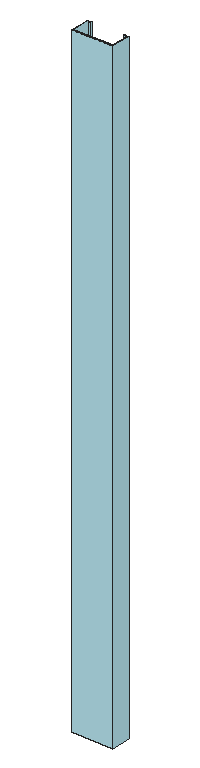
Revit family "リップ付チャンネルAS-65×30×7×1.0", category 機械設備, Revit 2020
Family settings
  丸型コネクタ寸法 = 直径を使用
  種別 = なし
  パーツ タイプ = 標準
  作業面ベース = いいえ
  常に垂直 = はい
  ロード時にボイドで切り取り = いいえ
  共有 = いいえ
  部屋計算ポイント = いいえ
Parameters
  製造元 = "株式会社桐井製作所"
  既定の高さ = 0 mm
  URL = "https://www.kirii.co.jp/"
  K_長さ(mm) [instance] = 1000 mm
  K_外形寸法(mm) = "65×30×7×1.0"
  K_品名 = "リップ付チャンネルAS-65×30×7×1.0"
  K_名称 = "斜め部材(ブレース材)"
  K_バージョン情報 = "20210714"
Reference planes
  plane 1 "中心(正面/背面)": y = 0
  plane 2: z = 0
  plane 3 "中心(左/右)": x = 0
  plane 4: x = 32.5
  plane 5: x = -32.5
  plane 6: z = 1000
  plane 7: y = 30
Forms (mm)
  Extrusion 1, solid
    sketch origin (0, 1, 0) x (1, 0, 0) y (0, 1, 0)
      loop
        line (-32.5, 29) -> (-32.5, -1) -> (32.5, -1) -> (32.5, 29) -> (25.5, 29) -> (25.5, 28) -> (31.5, 28) -> (31.5, 0) -> (-31.5, 0) -> (-31.5, 28) -> (-25.5, 28) -> (-25.5, 29) -> (-32.5, 29)
    from 0 to 1000
Dimensions and locks
  "K_長さ(mm)": plane 6 to plane 2
  aligned and locked: level to plane 2
  aligned and locked: plane 6 to Extrusion 1
Automatic sketch dimensions
  plane 1 "中心(正面/背面)" to Extrusion 1 sketch curve = 0 mm
  Extrusion 1 sketch curve to plane 5 = 0 mm
  plane 7 to Extrusion 1 sketch curve = 0 mm  (x2)
  Extrusion 1 sketch curve to plane 4 = 0 mm
  plane 5 to Extrusion 1 sketch curve = 1 mm
  Extrusion 1 sketch curve to Extrusion 1 sketch curve = 6 mm
  Extrusion 1 sketch curve to plane 4 = 7 mm
  Extrusion 1 sketch curve to plane 4 = 1 mm
  Extrusion 1 sketch curve to plane 1 "中心(正面/背面)" = 1 mm
  plane 7 to Extrusion 1 sketch curve = 1 mm  (x2)
